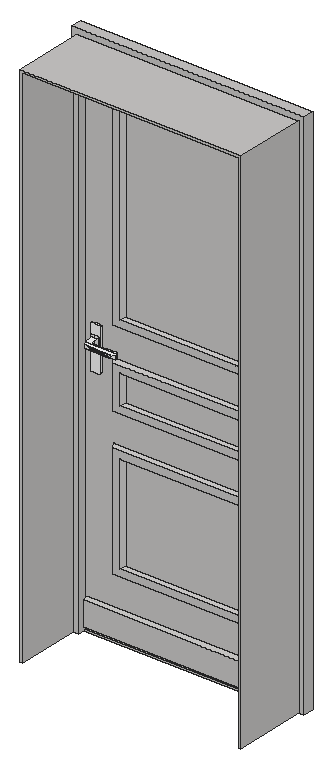
Revit family "Doorset_Porte palière blindée destinée au projet de réhabilitation BELLECOUR_ASSA ABLOY FR_Hardware 3D-05", category Doors, host Wall, Revit 2015 (continued)
Definition of nested family "Architectural Hardware_Ensemble béquillage SCULT_ASSA ABLOY FR_204367-4"
  Automatic sketch dimensions
    Masking region 11 sketch curve to Masking region 11 sketch curve = 38.692 mm
    Masking region 11 sketch curve to Masking region 11 sketch curve = 39.154 mm
    Masking region 11 sketch curve to Masking region 11 sketch curve = 1.116 mm  (x2)
    Masking region 11 sketch curve to Masking region 11 sketch curve = 1.146 mm  (x2)
    Masking region 11 sketch curve to Masking region 11 sketch curve = 1.671 mm  (x2)
    Masking region 11 sketch curve to Masking region 11 sketch curve = 3.993 mm
    Masking region 12 sketch curve to Masking region 12 sketch curve = 2.521 mm
    Masking region 12 sketch curve to Masking region 12 sketch curve = 1.941 mm
    Masking region 12 sketch curve to Masking region 12 sketch curve = 23.436 mm
    Masking region 12 sketch curve to Masking region 12 sketch curve = 38.804 mm
    Masking region 12 sketch curve to Masking region 12 sketch curve = 3.836 mm
    Extrusion 1 sketch curve to Extrusion 1 sketch curve = 2438.4 mm  (x2)
    Extrusion 2 sketch curve to plane 20 = 0 mm
    Extrusion 2 sketch curve to plane 19 = 0 mm
    Extrusion 2 sketch curve to Extrusion 2 sketch curve = 1.7 mm  (x2)
    plane 3 "Center (Left/Right)" to Extrusion 2 sketch curve = 0.069 mm  (x2)
    plane 19 to Extrusion 2 sketch curve = 1.662 mm  (x2)
    plane 14 to Extrusion 2 sketch curve = 5.475 mm
    plane 14 to Extrusion 2 sketch curve = 5.493 mm
    plane 12 to Extrusion 2 sketch curve = 1.73 mm
    plane 13 to Extrusion 2 sketch curve = 20.521 mm
    Extrusion 2 sketch curve to plane 15 = 4.702 mm
    Extrusion 2 sketch curve to plane 15 = 4.684 mm
    Extrusion 2 sketch curve to Extrusion 2 sketch curve = 0 mm
    Extrusion 2 sketch curve to plane 20 = 1.612 mm
    Extrusion 3 sketch curve to plane 20 = 1.032 mm
    Extrusion 3 sketch curve to Extrusion 3 sketch curve = 1.299 mm
    Extrusion 3 sketch curve to Extrusion 3 sketch curve = 1.397 mm
    plane 3 "Center (Left/Right)" to Extrusion 3 sketch curve = 0.005 mm  (x2)
    plane 19 to Extrusion 3 sketch curve = 2.461 mm
    plane 19 to Extrusion 3 sketch curve = 2.363 mm
    plane 19 to Extrusion 3 sketch curve = 1.064 mm
    plane 14 to Extrusion 3 sketch curve = 18.282 mm
    plane 12 to Extrusion 3 sketch curve = 2.975 mm  (x2)
    plane 1 "Center (Front/Back)" to Extrusion 3 sketch curve = 5.917 mm  (x2)
    plane 13 to Extrusion 3 sketch curve = 9.086 mm
    Extrusion 3 sketch curve to Extrusion 3 sketch curve = 0.476 mm
    Extrusion 3 sketch curve to Extrusion 3 sketch curve = 0.506 mm
    Sweep 4 sketch curve to plane 3 "Center (Left/Right)" = 0 mm
    Sweep 4 sketch curve to plane 12 = 2.725 mm
    plane 1 "Center (Front/Back)" to Sweep 4 sketch curve = 0.225 mm
    Extrusion 5 sketch curve to plane 20 = 0 mm
    Extrusion 5 sketch curve to plane 19 = 0 mm
    Extrusion 5 sketch curve to Extrusion 5 sketch curve = 1.7 mm  (x2)
    plane 3 "Center (Left/Right)" to Extrusion 5 sketch curve = 0.069 mm  (x2)
    plane 19 to Extrusion 5 sketch curve = 1.662 mm  (x2)
    plane 14 to Extrusion 5 sketch curve = 5.475 mm
    plane 14 to Extrusion 5 sketch curve = 5.493 mm
    plane 12 to Extrusion 5 sketch curve = 1.73 mm
    plane 13 to Extrusion 5 sketch curve = 20.521 mm
    Extrusion 5 sketch curve to plane 15 = 4.702 mm
    Extrusion 5 sketch curve to plane 15 = 4.684 mm
    Extrusion 5 sketch curve to Extrusion 5 sketch curve = 0 mm
    Extrusion 5 sketch curve to plane 20 = 1.612 mm
    Extrusion 6 sketch curve to plane 20 = 1.032 mm
    Extrusion 6 sketch curve to Extrusion 6 sketch curve = 1.299 mm
    Extrusion 6 sketch curve to Extrusion 6 sketch curve = 1.397 mm
    plane 3 "Center (Left/Right)" to Extrusion 6 sketch curve = 0.005 mm  (x2)
    plane 19 to Extrusion 6 sketch curve = 2.461 mm
    plane 19 to Extrusion 6 sketch curve = 2.363 mm
    plane 19 to Extrusion 6 sketch curve = 1.064 mm
    plane 14 to Extrusion 6 sketch curve = 18.282 mm
    plane 12 to Extrusion 6 sketch curve = 2.975 mm  (x2)
    plane 1 "Center (Front/Back)" to Extrusion 6 sketch curve = 5.917 mm  (x2)
    plane 13 to Extrusion 6 sketch curve = 9.086 mm
    Extrusion 6 sketch curve to Extrusion 6 sketch curve = 0.476 mm
    Extrusion 6 sketch curve to Extrusion 6 sketch curve = 0.506 mm
    Sweep 7 sketch curve to plane 3 "Center (Left/Right)" = 0 mm
    Sweep 7 sketch curve to plane 12 = 2.725 mm
    plane 1 "Center (Front/Back)" to Sweep 7 sketch curve = 0.225 mm
    Extrusion 8 sketch curve to Extrusion 8 sketch curve = 0 mm  (x4)
    Extrusion 8 sketch curve to plane 16 = 0 mm
    plane 25 to Extrusion 8 sketch curve = 5.16 mm
    Extrusion 8 sketch curve to plane 15 = 80.348 mm
    Extrusion 8 sketch curve to plane 13 = 15.786 mm
    Extrusion 8 sketch curve to plane 1 "Center (Front/Back)" = 4.151 mm
    plane 1 "Center (Front/Back)" to Extrusion 8 sketch curve = 0.427 mm
    plane 17 to Extrusion 8 sketch curve = 6.325 mm
    Extrusion 8 sketch curve to Extrusion 8 sketch curve = 1.492 mm
    plane 16 to Extrusion 8 sketch curve = 0.005 mm
    plane 12 to Extrusion 8 sketch curve = 3.071 mm
    Extrusion 8 sketch curve to plane 12 = 4.849 mm
    Extrusion 8 sketch curve to plane 14 = 2.5 mm
    plane 25 to Extrusion 8 sketch curve = 5.165 mm
    Extrusion 8 sketch curve to Extrusion 8 sketch curve = 1.826 mm
    Extrusion 8 sketch curve to plane 17 = 13.718 mm
    Extrusion 8 sketch curve to level = 36.357 mm
    Extrusion 8 sketch curve to level = 34.807 mm
    plane 17 to Extrusion 8 sketch curve = 2.217 mm
    plane 1 "Center (Front/Back)" to Extrusion 8 sketch curve = 6.003 mm
    Extrusion 8 sketch curve to Extrusion 8 sketch curve = 0.034 mm
    plane 17 to Extrusion 8 sketch curve = 0.677 mm  (x2)
    Extrusion 8 sketch curve to Extrusion 8 sketch curve = 2.59 mm
    profile plane to Sweep 7 sketch curve = 4.754 mm
    Sweep 7 sketch curve to profile plane = 11.63 mm
    Sweep 7 sketch curve to Sweep 7 sketch curve = 5.046 mm
    Sweep 7 sketch curve to profile plane = 56.714 mm
    Sweep 7 sketch curve to Sweep 7 sketch curve = 0.195 mm
    profile plane to Sweep 7 sketch curve = 17.67 mm
    Sweep 7 sketch curve to Sweep 7 sketch curve = 74.815 mm
    Sweep 7 sketch curve to Sweep 7 sketch curve = 13.331 mm
    profile plane to Sweep 7 sketch curve = 37.542 mm
    Sweep 7 sketch curve to Sweep 7 sketch curve = 13.595 mm
    Sweep 7 sketch curve to Sweep 7 sketch curve = 3.081 mm
    profile plane to Sweep 7 sketch curve = 45.919 mm
    Sweep 7 sketch curve to Sweep 7 sketch curve = 0.826 mm
    Sweep 7 sketch curve to profile plane = 53.625 mm
    Sweep 7 sketch curve to Sweep 7 sketch curve = 25.15 mm
    Sweep 7 sketch curve to Sweep 7 sketch curve = 23.557 mm
    Sweep 7 sketch curve to Sweep 7 sketch curve = 6.339 mm
    Sweep 7 sketch curve to Sweep 7 sketch curve = 16.234 mm
    Sweep 7 sketch curve to Sweep 7 sketch curve = 0.385 mm
    Sweep 7 sketch curve to Sweep 7 sketch curve = 0.311 mm
    Sweep 7 sketch curve to Sweep 7 sketch curve = 0 mm  (x4)
    profile plane to Sweep 7 sketch curve = 10.433 mm
    profile plane to Sweep 7 sketch curve = 1.1 mm
    profile plane to Sweep 7 sketch curve = 11.63 mm
    Sweep 4 sketch curve to plane 22 = 0 mm
    profile plane to Sweep 4 sketch curve = 4.754 mm
    Sweep 4 sketch curve to profile plane = 11.63 mm
    Sweep 4 sketch curve to Sweep 4 sketch curve = 5.046 mm
    Sweep 4 sketch curve to profile plane = 56.714 mm
    Sweep 4 sketch curve to Sweep 4 sketch curve = 0.195 mm
    plane 22 to Sweep 4 sketch curve = 16.57 mm
    Sweep 4 sketch curve to Sweep 4 sketch curve = 74.815 mm
    Sweep 4 sketch curve to Sweep 4 sketch curve = 13.331 mm
    plane 22 to Sweep 4 sketch curve = 36.442 mm
    Sweep 4 sketch curve to Sweep 4 sketch curve = 13.595 mm
    Sweep 4 sketch curve to Sweep 4 sketch curve = 3.081 mm
    plane 22 to Sweep 4 sketch curve = 44.819 mm
    Sweep 4 sketch curve to Sweep 4 sketch curve = 0.826 mm
    Sweep 4 sketch curve to plane 22 = 54.725 mm
    Sweep 4 sketch curve to Sweep 4 sketch curve = 0.385 mm
    plane 22 to Sweep 4 sketch curve = 44.805 mm
    Sweep 4 sketch curve to Sweep 4 sketch curve = 6.339 mm
    plane 22 to Sweep 4 sketch curve = 23.557 mm
    Sweep 4 sketch curve to Sweep 4 sketch curve = 25.15 mm
    Sweep 4 sketch curve to Sweep 4 sketch curve = 0.311 mm
    Sweep 4 sketch curve to Sweep 4 sketch curve = 0 mm  (x4)
    profile plane to Sweep 4 sketch curve = 10.433 mm
    profile plane to Sweep 4 sketch curve = 11.63 mm
    Extrusion 9 sketch curve to plane 10 = 13.55 mm
    Extrusion 9 sketch curve to plane 6 = 15.79 mm  (x2)
    plane 15 to Extrusion 9 sketch curve = 80.317 mm
    plane 13 to Extrusion 9 sketch curve = 15.771 mm
    plane 1 "Center (Front/Back)" to Extrusion 9 sketch curve = 4.151 mm
    Extrusion 9 sketch curve to plane 1 "Center (Front/Back)" = 0.394 mm
    Extrusion 9 sketch curve to plane 1 "Center (Front/Back)" = 11.678 mm
    Extrusion 9 sketch curve to plane 12 = 3.038 mm
    plane 12 to Extrusion 9 sketch curve = 4.849 mm
    plane 14 to Extrusion 9 sketch curve = 2.512 mm
    Extrusion 9 sketch curve to plane 14 = 135.673 mm
    plane 10 to Extrusion 9 sketch curve = 6.753 mm
    Extrusion 9 sketch curve to plane 6 = 36.837 mm
    Extrusion 9 sketch curve to plane 6 = 35.293 mm
    Extrusion 9 sketch curve to Extrusion 9 sketch curve = 0 mm
    Extrusion 9 sketch curve to plane 1 "Center (Front/Back)" = 6.036 mm
    Extrusion 9 sketch curve to Extrusion 9 sketch curve = 5.345 mm
